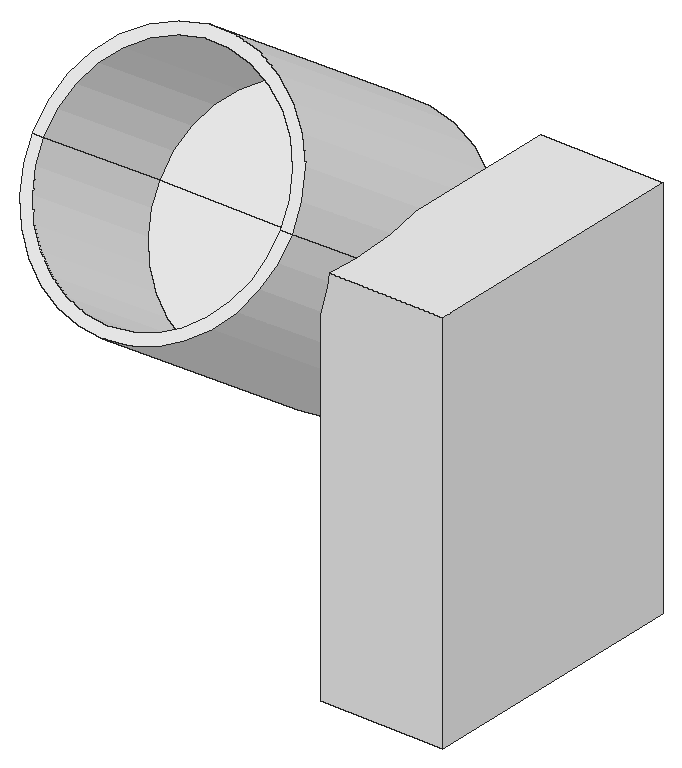
Revit family "Lighting-Accent-Amerlux-Cylindrix IV Vertical", category Lighting Fixtures, host Face, Revit 2014
Parameters
  Voltage = 0 V
  Rotation Angle [instance] = 35.00°
  Power Factor = 1
  Photometric Web File = ""
  Number of Poles = 1
  Material = Silver Finish
  Light Source Angle [instance] = Rotation Angle  # 35.00°
  Lamp = "LED"
  Input Wattage = ""
  Wattage = 26 W
  built-in parameter 1150110 = 1 (stored number, unit not read)
  URL = "http://www.amerlux.com"
  built-in parameter 1114217 = 1 (stored number, unit not read)
  Tilt Angle = 90.00°
  built-in parameter 1150109 = 1 (stored number, unit not read)
  built-in parameter 1150134 = 12
  built-in parameter 1150113 = 1 (stored number, unit not read)
  Model = "CYLINDRIX IV"
  Manufacturer = "Amerlux"
  built-in parameter 1150105 = 206.9 (stored number, unit not read)
  Lumens = 2600 lm
  built-in parameter 1150115 = 1 (stored number, unit not read)
  built-in parameter 1150137 = (empty or 0)
  built-in parameter 1150139 = (empty or 0)
  built-in parameter 1150112 = 1 (stored number, unit not read)
  built-in parameter 1150114 = 1 (stored number, unit not read)
  Keynote = ""
  built-in parameter 1150132 = (empty or 0)
  built-in parameter 1150102 = (empty or 0)
  built-in parameter 1150107 = 4000 (stored number, unit not read)
  built-in parameter 1150138 = (empty or 0)
  built-in parameter 1150106 = 2.069 (stored number, unit not read)
  Finish = ""
  Emit from Circle Diameter = 4"
  Emit Shape Visible in Rendering = yes
  built-in parameter 1150104 = 9.2903 (stored number, unit not read)
  Dimming Lamp Color Temperature Shift = (empty or 0)
  Description = "Track Lighting"
  Default Elevation = 48"
  Color Filter = 16777215
  built-in parameter 1114218 = 1 (stored number, unit not read)
  built-in parameter 1150133 = 10 (stored number, unit not read)
  Assembly Code = ""
  Apparent Load = 0 VA
Reference planes (in)
  plane 1 "Center (Front/Back)": y = 1.48931
  plane 2: z = 0
  plane 3 "Center (Left/Right)": x = 2.916
  plane 4: z = 6.3125
  plane 5: y = 3.73931
  plane 6: y = -0.76069
Forms (in)
  Extrusion 1, solid, material "Silver Finish"
    sketch origin (0, 1.48931, 0) x (-1, 0, 0) y (0, 0, 1)
      loop
        line (-2.916, 6.3125) -> (-4.916, 6.3125) -> (-4.916, 0) -> (-2.916, 0) -> (-2.916, 6.3125)
    from -2.25 to 2.25
Dimensions and locks (in)
  locked: Extrusion 1 sketch curve to Extrusion 1 sketch curve at 2
  locked: Extrusion 1 sketch curve to Extrusion 1 sketch curve at 6.3125
  equal spacing: plane 5, plane 1 "Center (Front/Back)", plane 6
  plane 5 to plane 6 = 4 1/2"
  "Rotation Angle": angle level to nested 1
  "Light Source Angle": angle level to imposter light
  aligned and locked: plane 2 to host face
  aligned and locked: level to host face
  aligned: imposter light to plane 1 "Center (Front/Back)"
  aligned and locked: Extrusion 1 sketch curve to level
  aligned and locked: plane 5 to Extrusion 1
  aligned and locked: Extrusion 1 to plane 6
Automatic sketch dimensions
  host sketch curve to host sketch curve = 12.00498"
  host sketch curve to host sketch curve = 12.39607"
  plane 3 "Center (Left/Right)" to Extrusion 1 sketch curve = 0"
Nested families (in)
  nested 1: "Track Head" at (1.77159, 0.82308, 5.56775) x (0, -0.5736, -0.8192) z (-1, 0, 0), type "Track Head"
Connectors (in)
  electrical at (3.916, 1.48931, 0), driven by "Number of Poles", driven by "Voltage", driven by "Apparent Load", driven by "Power Factor"
    settings: on Extrusion 1, index 1, voltage 0 V, apparent load 0 VA, apparent load phase1 0 VA, apparent load phase2 0 VA, apparent load phase3 0 VA, power factor 1, load classification "Other", number of poles 1, system type 31, power factor state 1, is connector primary yes, connector utility no, sub classification motor no, connector description "Power"
Definition of nested family "Track Head"
  Parameters (values of type "Track Head")
    Width = 4 5/16"
    Length = 5 3/4"
    Material = Silver Finish
    Default Elevation = 48"
    Assembly Code = ""
  Reference planes (in)
    plane 1 "Center (Front/Back)": y = 0
    plane 2: z = 0
    plane 3 "Center (Left/Right)": x = 0
    plane 4: z = 0.81682
    plane 5: z = 0.81682
    plane 6: y = 2.875
    plane 7: y = -2.875
    plane 8: z = 2.94163
    plane 9: z = -1.37087
  Forms (in)
    Extrusion 1, solid
      sketch origin (0, 0, 0) x (1, 0, 0) y (0, 1, 0)
        loop
          line (-48, 48) -> (-48, -48) -> (48, -48) -> (48, 48) -> (-48, 48)
      from 0 to -0.80444
    Revolve 2, solid, material "Silver Finish" <- "Material"
      sketch origin (0, 0, -1.8125) x (0, 1, 0) y (0, 0, 1)
        loop
          line (-1.97407, 4.75413) -> (-2.875, 4.23398) -> (-2.875, 2.62932) -> (2.875, 2.62932) -> (2.875, 4.75413) -> (-1.97407, 4.75413)
        axis (-2.875, 2.62932) -> (2.875, 2.62932)
      angle from 0 to 360
    Revolve 3, void
      sketch origin (0, 0, -1.8125) x (0, 1, 0) y (0, 0, 1)
        loop
          line (2.875, 2.62932) -> (2.875, 4.56682) -> (0, 4.56682) -> (0, 2.62932) -> (2.875, 2.62932)
        axis (0, 2.62932) -> (2.875, 2.62932)
      angle from 0 to 360
  Cuts and joins
    Revolve 3 cuts Revolve 2
  Dimensions and locks (in)
    equal spacing: plane 6, plane 1 "Center (Front/Back)", plane 7
    "Length": plane 6 to plane 7
    "Width": plane 8 to plane 9
    radius of cut or joined group of Revolve 2, Revolve 3 = 2.12482"
    aligned and locked: plane 2 to Extrusion 1
    aligned and locked: level to Extrusion 1
    aligned and locked: Revolve 2 sketch curve to plane 4
    aligned and locked: Revolve 3 sketch curve to plane 5
    aligned and locked: plane 7 to Revolve 2 sketch curve
    aligned and locked: Revolve 2 sketch curve to plane 6
    aligned and locked: cut or joined group of Revolve 2, Revolve 3 to cut or joined group of Revolve 2, Revolve 3
    aligned and locked: plane 1 "Center (Front/Back)" to cut or joined group of Revolve 2, Revolve 3
  Automatic sketch dimensions
    Extrusion 1 sketch curve to Extrusion 1 sketch curve = 96"  (x2)
    Revolve 3 sketch curve to plane 5 = 0"
    Revolve 3 sketch curve to plane 1 "Center (Front/Back)" = 0"
    plane 6 to Revolve 3 sketch curve = 0"
    Revolve 3 sketch curve to Revolve 3 sketch curve = 1 15/16"
    plane 7 to Revolve 3 sketch curve = 0.4751"
    Revolve 3 sketch curve to plane 6 = 1.36838"
    Revolve 2 sketch curve to plane 4 = 0"
    Revolve 2 sketch curve to Revolve 2 sketch curve = 2.12482"
    plane 7 to Revolve 2 sketch curve = 5.73878"
    Revolve 2 sketch curve to plane 6 = 7.02134"
    Revolve 2 sketch curve to Revolve 2 sketch curve = 0.52015"
    Revolve 2 sketch curve to plane 7 = 0.90093"
